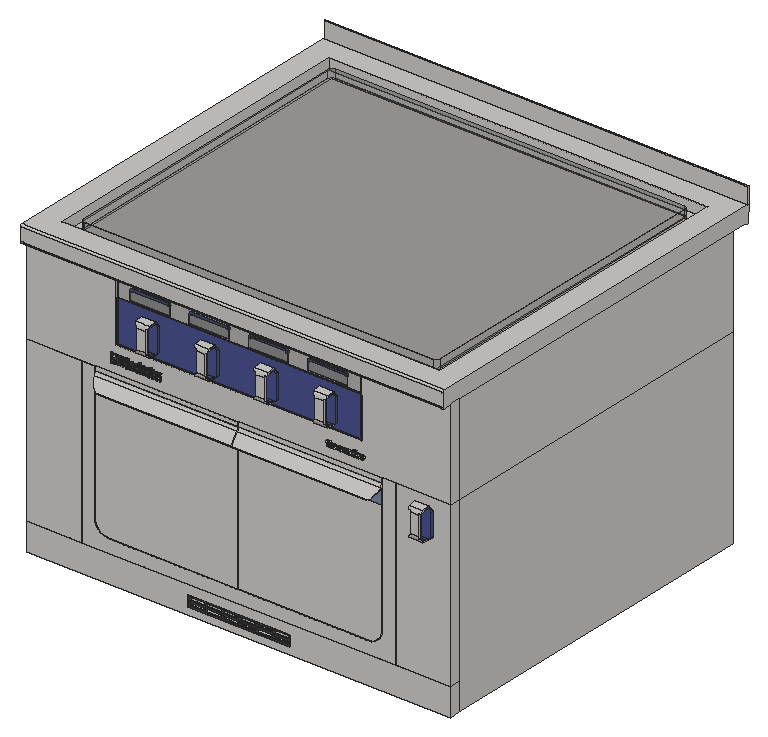
Revit family "QF_ELECTROLUXPROFESSIONAL_589672_MCIQEBJ4AO", category Attrezzature speciali, Revit 2020 (continued)
Definition of nested family "Front_Panel_W1000_4 Knobs"
  Definition of nested family "ELX_Professional_Logo_Small"
    Forms (mm)
      Extrusion 2, solid, material <- "Material_Logo"
        sketch origin (15.5, 0, 0) x (1, 0, 0) y (0, 1, 0)
          loop
            spline (-4.441, -1.243) -> (-4.659, -1.247) -> (-4.894, -1.23) -> (-5.137, -1.19) -> (-5.384, -1.121) -> (-5.628, -1.021) -> (-5.864, -0.884) -> (-6.084, -0.708) -> (-6.283, -0.488) -> (-6.454, -0.219) -> (-6.592, 0.101) -> (-6.69, 0.478) -> (-6.742, 0.914)
            line (-6.742, 0.914) -> (-6.742, 4.587) -> (-4.487, 4.587) -> (-4.487, 6.838) -> (-6.738, 6.838) -> (-6.738, 10.824) -> (-9.217, 10.824) -> (-9.217, 0.773)
            spline (-9.217, 0.773) -> (-9.164, 0.19) -> (-9.068, -0.358) -> (-8.928, -0.87) -> (-8.742, -1.343) -> (-8.511, -1.777) -> (-8.232, -2.168) -> (-7.904, -2.515) -> (-7.527, -2.816) -> (-7.098, -3.069) -> (-6.618, -3.273) -> (-6.084, -3.426) -> (-5.496, -3.525)
            line (-5.496, -3.525) -> (-4.45, -3.573) -> (-4.441, -1.243)
          loop
            spline (3.898, 6.983) -> (3.469, 7.009) -> (3.056, 7.001) -> (2.661, 6.961) -> (2.283, 6.888) -> (1.925, 6.785) -> (1.588, 6.652) -> (1.272, 6.49) -> (0.979, 6.301) -> (0.71, 6.085) -> (0.465, 5.844) -> (0.247, 5.578) -> (0.056, 5.289)
            line (0.056, 5.289) -> (0.056, 6.838) -> (-2.402, 6.838) -> (-2.402, -3.572) -> (0.056, -3.572) -> (0.056, 1.901)
            spline (0.056, 1.901) -> (0.079, 2.316) -> (0.145, 2.703) -> (0.254, 3.06) -> (0.404, 3.386) -> (0.592, 3.679) -> (0.818, 3.938) -> (1.08, 4.162) -> (1.375, 4.348) -> (1.703, 4.495) -> (2.062, 4.602) -> (2.45, 4.668) -> (2.865, 4.69)
            line (2.865, 4.69) -> (3.898, 4.586) -> (3.898, 6.983)
          loop
            spline (15.638, 1.633) -> (15.586, 2.396) -> (15.435, 3.124) -> (15.192, 3.81) -> (14.863, 4.449) -> (14.455, 5.034) -> (13.975, 5.56) -> (13.43, 6.021) -> (12.826, 6.411) -> (12.17, 6.724) -> (11.469, 6.955) -> (10.729, 7.098) -> (9.958, 7.147)
            spline (9.958, 7.147) -> (9.182, 7.098) -> (8.44, 6.955) -> (7.737, 6.724) -> (7.081, 6.411) -> (6.477, 6.021) -> (5.933, 5.56) -> (5.454, 5.034) -> (5.048, 4.449) -> (4.721, 3.81) -> (4.479, 3.124) -> (4.329, 2.396) -> (4.277, 1.633)
            spline (4.277, 1.633) -> (4.329, 0.869) -> (4.479, 0.141) -> (4.721, -0.544) -> (5.048, -1.183) -> (5.454, -1.768) -> (5.933, -2.294) -> (6.477, -2.755) -> (7.081, -3.145) -> (7.737, -3.459) -> (8.44, -3.69) -> (9.182, -3.833) -> (9.958, -3.882)
            spline (9.958, -3.882) -> (10.729, -3.833) -> (11.469, -3.69) -> (12.17, -3.459) -> (12.826, -3.145) -> (13.43, -2.755) -> (13.975, -2.294) -> (14.455, -1.768) -> (14.863, -1.183) -> (15.192, -0.544) -> (15.435, 0.141) -> (15.586, 0.869) -> (15.638, 1.633)
          loop
            spline (13.18, 1.633) -> (13.151, 2.083) -> (13.067, 2.513) -> (12.932, 2.918) -> (12.748, 3.296) -> (12.52, 3.642) -> (12.251, 3.954) -> (11.943, 4.227) -> (11.601, 4.459) -> (11.228, 4.645) -> (10.828, 4.782) -> (10.403, 4.867) -> (9.958, 4.896)
            spline (9.958, 4.896) -> (9.509, 4.867) -> (9.081, 4.782) -> (8.679, 4.645) -> (8.306, 4.459) -> (7.964, 4.227) -> (7.658, 3.954) -> (7.39, 3.642) -> (7.163, 3.296) -> (6.981, 2.918) -> (6.847, 2.513) -> (6.765, 2.083) -> (6.736, 1.633)
            spline (6.736, 1.633) -> (6.765, 1.182) -> (6.847, 0.753) -> (6.981, 0.347) -> (7.163, -0.031) -> (7.39, -0.377) -> (7.658, -0.689) -> (7.964, -0.962) -> (8.306, -1.193) -> (8.679, -1.38) -> (9.081, -1.517) -> (9.509, -1.602) -> (9.958, -1.631)
            spline (9.958, -1.631) -> (10.403, -1.602) -> (10.828, -1.517) -> (11.228, -1.38) -> (11.601, -1.193) -> (11.943, -0.962) -> (12.251, -0.689) -> (12.52, -0.377) -> (12.748, -0.031) -> (12.932, 0.347) -> (13.067, 0.753) -> (13.151, 1.182) -> (13.18, 1.633)
          loop
            line (17.162, 4.269) -> (17.162, -3.573) -> (19.642, -3.573) -> (19.642, 10.824) -> (17.162, 10.824) -> (17.162, 4.269)
          loop
            line (28.581, 6.838) -> (28.581, 0.786)
            spline (28.581, 0.786) -> (28.561, 0.393) -> (28.503, 0.038) -> (28.409, -0.279) -> (28.281, -0.559) -> (28.122, -0.802) -> (27.933, -1.011) -> (27.717, -1.185) -> (27.476, -1.325) -> (27.213, -1.433) -> (26.929, -1.509) -> (26.626, -1.554) -> (26.308, -1.569)
            spline (26.308, -1.569) -> (25.99, -1.554) -> (25.688, -1.509) -> (25.404, -1.434) -> (25.141, -1.326) -> (24.9, -1.187) -> (24.684, -1.014) -> (24.496, -0.807) -> (24.336, -0.565) -> (24.209, -0.288) -> (24.115, 0.026) -> (24.057, 0.376) -> (24.037, 0.765)
            line (24.037, 0.765) -> (24.037, 6.838) -> (21.537, 6.838) -> (21.537, 0.558)
            spline (21.537, 0.558) -> (21.581, -0.153) -> (21.71, -0.8) -> (21.916, -1.384) -> (22.195, -1.904) -> (22.54, -2.362) -> (22.944, -2.757) -> (23.403, -3.09) -> (23.909, -3.362) -> (24.456, -3.572) -> (25.04, -3.722) -> (25.652, -3.811) -> (26.288, -3.841)
            spline (26.288, -3.841) -> (26.929, -3.811) -> (27.547, -3.72) -> (28.135, -3.568) -> (28.687, -3.355) -> (29.197, -3.079) -> (29.66, -2.741) -> (30.068, -2.341) -> (30.415, -1.877) -> (30.696, -1.349) -> (30.905, -0.757) -> (31.034, -0.101) -> (31.079, 0.621)
            line (31.079, 0.621) -> (31.079, 6.838) -> (28.581, 6.838)
          loop
            line (40.457, -0.243) -> (38.894, 1.942) -> (40.83, 4.579) -> (42.488, 6.837) -> (39.782, 6.837) -> (37.53, 3.719) -> (35.258, 6.837) -> (32.573, 6.837) -> (34.113, 4.731) -> (36.167, 1.922) -> (34.014, -1.076) -> (32.222, -3.573) -> (34.887, -3.573) -> (37.53, 0.104) -> (40.174, -3.573) -> (42.839, -3.573) -> (40.457, -0.243)
          loop
            line (-46.121, -5.837) -> (-48.039, -5.837) -> (-48.039, -10.814) -> (-47.016, -10.814) -> (-47.016, -9.128) -> (-46.121, -9.128)
            arc (-46.121, -9.128) -> (-44.476, -7.482) -> (-46.121, -5.837) r 1.645
          loop
            line (-46.163, -6.778) -> (-47.016, -6.778) -> (-47.016, -8.187) -> (-46.163, -8.187)
            arc (-46.163, -8.187) -> (-45.458, -7.482) -> (-46.163, -6.778) r 0.704
          loop
            line (-38.313, -5.837) -> (-40.265, -5.837) -> (-40.265, -10.814) -> (-39.241, -10.814) -> (-39.241, -9.1) -> (-38.46, -9.182) -> (-37.48, -10.814) -> (-36.318, -10.814) -> (-37.513, -8.848)
            arc (-37.513, -8.848) -> (-36.888, -8.266) -> (-36.671, -7.441) r 1.536
            arc (-36.671, -7.441) -> (-37.165, -6.305) -> (-38.313, -5.837) r 1.643
          loop
            arc (-38.402, -8.166) -> (-37.707, -7.505) -> (-38.334, -6.778) r 0.696
            line (-38.334, -6.778) -> (-39.241, -6.778) -> (-39.241, -8.166) -> (-38.402, -8.166)
          loop
            circle (-29.965, -8.325) r 2.585
          loop
            circle (-29.965, -8.325) r 1.64
          loop
            line (-23.1, -5.837) -> (-23.1, -10.814) -> (-22.076, -10.814) -> (-22.076, -8.768) -> (-20.204, -8.768) -> (-20.204, -7.828) -> (-22.076, -7.828) -> (-22.076, -6.778) -> (-20.024, -6.778) -> (-20.024, -5.837) -> (-23.1, -5.837)
          loop
            line (-15.802, -5.837) -> (-15.802, -9.2)
            arc (-15.802, -9.2) -> (-15.343, -10.34) -> (-14.209, -10.814) r 1.593
            line (-14.209, -10.814) -> (-12.602, -10.814) -> (-12.602, -10.027) -> (-14.004, -10.027)
            arc (-14.004, -10.027) -> (-14.552, -9.8) -> (-14.779, -9.252) r 0.775
            line (-14.779, -9.252) -> (-14.779, -8.424) -> (-12.789, -8.424) -> (-12.789, -7.642) -> (-14.779, -7.642) -> (-14.779, -6.778) -> (-12.651, -6.778) -> (-12.651, -5.837) -> (-15.802, -5.837)
          loop
            line (-5.909, -7.143) -> (-5.173, -6.638)
            arc (-5.173, -6.638) -> (-5.855, -5.974) -> (-6.781, -5.755) r 1.782
            arc (-6.781, -5.755) -> (-7.397, -5.878) -> (-7.944, -6.189) r 1.974
            arc (-7.944, -6.189) -> (-8.202, -6.5) -> (-8.317, -6.888) r 1.013
            arc (-8.317, -6.888) -> (-8.306, -7.341) -> (-8.192, -7.78) r 1.985
            arc (-8.192, -7.78) -> (-7.749, -8.259) -> (-7.171, -8.563) r 1.928
            arc (-7.171, -8.563) -> (-6.637, -8.779) -> (-6.131, -9.056) r 5.041
            arc (-6.131, -9.056) -> (-5.934, -9.387) -> (-6.09, -9.74) r 0.42
            arc (-6.09, -9.74) -> (-6.631, -9.96) -> (-7.204, -9.845) r 1.016
            arc (-7.204, -9.845) -> (-7.625, -9.603) -> (-7.889, -9.196) r 1.033
            line (-7.889, -9.196) -> (-8.67, -9.686)
            arc (-8.67, -9.686) -> (-8.361, -10.198) -> (-7.908, -10.589) r 1.914
            arc (-7.908, -10.589) -> (-7.334, -10.834) -> (-6.714, -10.896) r 2.063
            arc (-6.714, -10.896) -> (-5.947, -10.743) -> (-5.256, -10.376) r 2.696
            arc (-5.256, -10.376) -> (-4.95, -9.565) -> (-5.108, -8.712) r 1.618
            arc (-5.108, -8.712) -> (-5.448, -8.319) -> (-5.884, -8.035) r 1.876
            arc (-5.884, -8.035) -> (-6.434, -7.789) -> (-6.999, -7.577) r 9.883
            arc (-6.999, -7.577) -> (-7.325, -7.07) -> (-6.854, -6.694) r 0.45
            arc (-6.854, -6.694) -> (-6.329, -6.809) -> (-5.909, -7.143) r 1.197
          loop
            line (1.61, -7.143) -> (2.345, -6.638)
            arc (2.345, -6.638) -> (1.663, -5.974) -> (0.737, -5.755) r 1.782
            arc (0.737, -5.755) -> (0.121, -5.878) -> (-0.425, -6.189) r 1.974
            arc (-0.425, -6.189) -> (-0.683, -6.5) -> (-0.799, -6.888) r 1.013
            arc (-0.799, -6.888) -> (-0.788, -7.341) -> (-0.674, -7.78) r 1.985
            arc (-0.674, -7.78) -> (-0.231, -8.259) -> (0.347, -8.563) r 1.928
            arc (0.347, -8.563) -> (0.881, -8.779) -> (1.387, -9.056) r 5.041
            arc (1.387, -9.056) -> (1.584, -9.387) -> (1.428, -9.74) r 0.42
            arc (1.428, -9.74) -> (0.887, -9.96) -> (0.314, -9.845) r 1.016
            arc (0.314, -9.845) -> (-0.107, -9.603) -> (-0.371, -9.196) r 1.033
            line (-0.371, -9.196) -> (-1.152, -9.686)
            arc (-1.152, -9.686) -> (-0.842, -10.198) -> (-0.39, -10.589) r 1.914
            arc (-0.39, -10.589) -> (0.184, -10.834) -> (0.804, -10.896) r 2.063
            arc (0.804, -10.896) -> (1.572, -10.743) -> (2.263, -10.376) r 2.696
            arc (2.263, -10.376) -> (2.568, -9.565) -> (2.411, -8.712) r 1.618
            arc (2.411, -8.712) -> (2.07, -8.319) -> (1.635, -8.035) r 1.876
            arc (1.635, -8.035) -> (1.084, -7.789) -> (0.519, -7.577) r 9.883
            arc (0.519, -7.577) -> (0.193, -7.07) -> (0.665, -6.694) r 0.45
            arc (0.665, -6.694) -> (1.189, -6.809) -> (1.61, -7.143) r 1.197
          loop
            line (6.801, -5.837) -> (6.801, -10.814) -> (7.825, -10.814) -> (7.825, -5.837) -> (6.801, -5.837)
          loop
            circle (14.724, -8.325) r 1.548
          loop
            circle (14.724, -8.325) r 2.585
          loop
            line (21.59, -10.814) -> (22.623, -10.814) -> (22.623, -7.685) -> (24.9, -10.814) -> (25.895, -10.814) -> (25.895, -5.837) -> (24.861, -5.837) -> (24.861, -9.061) -> (22.585, -5.837) -> (21.59, -5.837) -> (21.59, -10.814)
          loop
            line (31.054, -10.814) -> (31.539, -9.74) -> (33.38, -9.74) -> (33.865, -10.814) -> (34.965, -10.814) -> (32.46, -5.837) -> (29.956, -10.814) -> (31.054, -10.814)
          loop
            line (32.46, -7.698) -> (31.999, -8.719) -> (32.921, -8.719) -> (32.46, -7.698)
          loop
            line (40.047, -9.873) -> (40.047, -5.837) -> (39.024, -5.837) -> (39.024, -10.814) -> (41.961, -10.814) -> (41.961, -9.873) -> (40.047, -9.873)
          loop
            line (-74.986, -10.814) -> (-53.322, -10.814) -> (-53.322, 10.82) -> (-74.986, 10.82) -> (-74.986, -10.814)
          loop
            line (-61.261, 9.758) -> (-61.261, -9.707)
            arc (-61.261, -9.707) -> (-54.066, 0.025) -> (-61.261, 9.758) r 10.18
          loop
            line (-62.251, 8.349) -> (-62.251, 9.758)
            arc (-62.251, 9.758) -> (-70.347, 7.918) -> (-74.247, 0.59) r 9.976
            line (-74.247, 0.59) -> (-71.026, 0.59)
            arc (-71.026, 0.59) -> (-65.274, 2.925) -> (-62.251, 8.349) r 9.351
          loop
            arc (-74.247, -0.539) -> (-70.353, -7.928) -> (-62.251, -9.957) r 10.237
            line (-62.251, -9.957) -> (-62.251, -8.298)
            arc (-62.251, -8.298) -> (-65.274, -2.874) -> (-71.026, -0.539) r 9.351
            line (-71.026, -0.539) -> (-74.247, -0.539)
        from 0 to 1.644
    Dimensions and locks
      aligned and locked: plane 2 to Extrusion 1
      aligned and locked: level to Extrusion 1
Definition of nested family "H450H2W1000_2DOOR"
  Parameters
    Width [instance] = 680 mm
    Wdoor [instance] = Width / 2  # 340 mm
    Show Clearance [instance] = yes
    Model = "727995"
    Height = 450 mm
    Default Elevation = 0 mm
  Reference planes
    plane 1 "Center (Front/Back)": y = 0
    plane 2: z = 0
    plane 3 "Center (Left/Right)": x = 36.042
    plane 4 "panel": z = 25
    plane 5: x = -303.958
    plane 6: x = 376.042
    plane 7: y = 450
    plane 8: z = 340
    plane 9: z = 45
  Forms (mm)
    Extrusion 1, solid
      sketch origin (0, -919.2, 0) x (1, 0, 0) y (0, 1, 0)
        loop
          line (-980.5, 2119.2) -> (-980.5, -162.846) -> (881.94, -162.846) -> (881.94, 2119.2) -> (-980.5, 2119.2)
      from 0 to -59.546
    Extrusion 2, solid
      sketch origin (0, 0, 0) x (1, 0, 0) y (0, 1, 0)
        loop
          line (374.042, 393) -> (37.042, 393) -> (37.042, 97) -> (344.042, 97)
          arc (344.042, 97) -> (365.255, 105.787) -> (374.042, 127) r 30
          line (374.042, 127) -> (374.042, 393)
        loop
          arc (-301.958, 127) -> (-293.171, 105.787) -> (-271.958, 97) r 30
          line (-271.958, 97) -> (35.042, 97) -> (35.042, 393) -> (-301.958, 393) -> (-301.958, 127)
      from 0 to 25
    Extrusion 3, solid
      sketch origin (0, 0, 0) x (1, 0, 0) y (0, 1, 0)
        loop
          line (-301.958, 393) -> (35.042, 393) -> (35.042, 440) -> (-301.958, 440) -> (-301.958, 393)
        loop
          line (37.042, 440) -> (37.042, 393) -> (374.042, 393) -> (374.042, 440) -> (37.042, 440)
      from 0 to 25
    Extrusion 4, solid
      sketch origin (5.581, 79.805, 0) x (1, 0, 0) y (0, 1, 0)
        loop
          line (-307.539, 360.195) -> (29.461, 360.195) -> (29.461, 370.195) -> (-307.539, 370.195) -> (-307.539, 360.195)
        loop
          line (31.461, 370.195) -> (31.461, 360.195) -> (368.461, 360.195) -> (368.461, 370.195) -> (31.461, 370.195)
      from 0 to 25
    Extrusion 5, solid
      sketch origin (36.042, 0, 0) x (0, 1, 0) y (0, 0, 1)
        loop
          line (426.693, 25) -> (440.02, 25)
          arc (440.02, 25) -> (435.261, 25.775) -> (430.993, 28.02) r 15
          line (430.993, 28.02) -> (406.653, 46.362) -> (403.644, 42.369) -> (426.693, 25)
      from 1 to 338
    Extrusion 6, solid
      sketch origin (36.042, 0, 0) x (0, 1, 0) y (0, 0, 1)
        loop
          line (426.693, 25) -> (440.02, 25)
          arc (440.02, 25) -> (435.261, 25.775) -> (430.993, 28.02) r 15
          line (430.993, 28.02) -> (406.653, 46.362) -> (403.644, 42.369) -> (426.693, 25)
      from -338 to -1
    Extrusion 7, void
      sketch origin (0, 0, 0) x (1, 0, 0) y (0, 1, 0)
        loop
          arc (374.042, 426.693) -> (364.508, 412.772) -> (350.317, 403.644) r 42.603
          line (350.317, 403.644) -> (374.042, 403.644) -> (374.042, 426.693)
      from 0 to 47.9
    Extrusion 8, void
      sketch origin (72.084, 0, 0) x (-1, 0, 0) y (0, -1, 0)
        loop
          line (374.042, -426.693) -> (374.042, -403.644) -> (350.317, -403.644)
          arc (350.317, -403.644) -> (364.508, -412.772) -> (374.042, -426.693) r 42.603
      from 0 to 47.9
    Extrusion 9, solid, detail levels coarse
      sketch origin (0, 0, 0) x (1, 0, 0) y (0, 0, 1)
        loop
          arc (36.231, 25) -> (-56.085, 247.873) -> (-278.958, 340.189) r 315.189
          line (-278.958, 340.189) -> (-278.958, 25) -> (36.231, 25)
      from -450 to -97
    Extrusion 10, solid, detail levels coarse
      sketch origin (0, 0, 0) x (1, 0, 0) y (0, 0, 1)
        loop
          arc (351.042, 340) -> (128.303, 247.739) -> (36.042, 25) r 315
          line (36.042, 25) -> (351.042, 25) -> (351.042, 340)
      from -450 to -97
  Cuts and joins
    Extrusion 8 cuts Extrusion 6
    Extrusion 7 cuts Extrusion 5
  Lines and regions (mm)
    symbolic lines
      curve 1: line (376.042, 0, 45) -> (376.042, 0, 340)
      curve 2: line (351.042, 0, 45) -> (351.042, 0, 340)
      curve 3: line (376.042, 0, 340) -> (351.042, 0, 340)
      curve 4: line (-303.958, 0, 45) -> (-303.958, 0, 340)
      curve 5: line (-278.958, 0, 45) -> (-278.958, 0, 340)
      curve 6: line (-303.958, 0, 340) -> (-278.958, 0, 340)
      curve 7: arc (351.042, 0, 340) -> (135.522, 0, 254.731) -> (36.683, 0, 45.088) r 315
      curve 8: arc (35.407, 0, 44.997) -> (-63.405, 0, 254.7) -> (-278.958, 0, 340) r 315
  Dimensions and locks
    plane 4 "panel" to level = 25 mm
    "Width": plane 5 to plane 6
    equal spacing: plane 5, plane 3 "Center (Left/Right)", plane 6
    "Height": plane 1 "Center (Front/Back)" to plane 7
    locked: plane 5 to Extrusion 2 sketch curve at 2
    locked: Extrusion 2 sketch curve to plane 6 at 2
    locked: plane 1 "Center (Front/Back)" to Extrusion 2 sketch curve at 97
    locked: plane 7 to Extrusion 2 sketch curve at 57
    locked: Extrusion 2 sketch curve to plane 3 "Center (Left/Right)" at 1
    locked: plane 3 "Center (Left/Right)" to Extrusion 2 sketch curve at 1
    Extrusion 3 sketch curve to Extrusion 2 = 47 mm
    "Wdoor": plane 8 to level
    locked: curve 2 to curve 1 at 25
    locked: curve 5 to curve 4 at 25
    plane 4 "panel" to plane 9 = 20 mm
    aligned and locked: plane 2 to Extrusion 1
    aligned and locked: level to Extrusion 1
    aligned and locked: plane 4 "panel" to Extrusion 2
    aligned and locked: Extrusion 2 to Extrusion 3 sketch curve
    aligned and locked: Extrusion 3 sketch curve to Extrusion 2  (x2)
    aligned and locked: Extrusion 3 sketch curve to Extrusion 3 sketch curve
    aligned and locked: plane 4 "panel" to Extrusion 3
    aligned and locked: Extrusion 4 sketch curve to Extrusion 4 sketch curve
    aligned and locked: Extrusion 4 sketch curve to Extrusion 3  (x3)
    aligned and locked: Extrusion 3 to Extrusion 4 sketch curve
    aligned and locked: Extrusion 4 sketch curve to plane 7
    aligned and locked: Extrusion 3 to Extrusion 5
    aligned and locked: Extrusion 5 to Extrusion 3
    aligned and locked: Extrusion 6 to Extrusion 3
    aligned and locked: Extrusion 3 to Extrusion 6
    aligned and locked: Extrusion 7 sketch curve to Extrusion 5
    aligned and locked: Extrusion 8 to Extrusion 6
    aligned and locked: Extrusion 4 to Extrusion 8
    aligned and locked: Extrusion 2 to Extrusion 7
    aligned and locked: Extrusion 7 to Extrusion 5
    aligned and locked: Extrusion 4 to Extrusion 3  (x2)
    aligned and locked: Extrusion 3 to Extrusion 2
    aligned and locked: Extrusion 4 to Extrusion 2
    aligned and locked: curve 3 to plane 8
    aligned and locked: curve 1 to plane 6
    aligned and locked: curve 4 to plane 5
    aligned and locked: Extrusion 9 sketch curve to plane 4 "panel"
    aligned and locked: Extrusion 10 sketch curve to curve 7
    aligned and locked: Extrusion 10 sketch curve to curve 2
    aligned and locked: Extrusion 2 to Extrusion 9
    aligned and locked: Extrusion 2 to Extrusion 10
    aligned and locked: plane 7 to Extrusion 9
    aligned and locked: Extrusion 3 to Extrusion 4
  Automatic sketch dimensions
    Extrusion 1 sketch curve to Extrusion 1 sketch curve = 1862.44 mm
    Extrusion 1 sketch curve to Extrusion 1 sketch curve = 2282.046 mm
    Extrusion 2 sketch curve to Extrusion 2 sketch curve = 30 mm  (x2)
    Extrusion 2 sketch curve to plane 1 "Center (Front/Back)" = 97 mm
    Extrusion 2 sketch curve to Extrusion 2 sketch curve = 0 mm
    Extrusion 3 sketch curve to plane 3 "Center (Left/Right)" = 1 mm
    plane 5 to Extrusion 3 sketch curve = 2 mm
    Extrusion 3 sketch curve to Extrusion 3 sketch curve = 0 mm
    Extrusion 5 sketch curve to plane 4 "panel" = 0 mm
    plane 4 "panel" to Extrusion 5 sketch curve = 17.369 mm
    Extrusion 5 sketch curve to plane 7 = 46.356 mm
    plane 4 "panel" to Extrusion 5 sketch curve = 21.362 mm
    Extrusion 5 sketch curve to Extrusion 5 sketch curve = 3.009 mm
    plane 4 "panel" to Extrusion 5 sketch curve = 3.02 mm
    Extrusion 5 sketch curve to Extrusion 5 sketch curve = 9.027 mm
    Extrusion 6 sketch curve to plane 4 "panel" = 0 mm
    plane 4 "panel" to Extrusion 6 sketch curve = 17.369 mm
    Extrusion 6 sketch curve to plane 7 = 46.356 mm
    plane 4 "panel" to Extrusion 6 sketch curve = 21.362 mm
    Extrusion 6 sketch curve to Extrusion 6 sketch curve = 3.009 mm
    plane 4 "panel" to Extrusion 6 sketch curve = 3.02 mm
    Extrusion 6 sketch curve to Extrusion 6 sketch curve = 9.027 mm
    Extrusion 7 sketch curve to Extrusion 7 sketch curve = 23.725 mm
    Extrusion 7 sketch curve to plane 7 = 6.671 mm
    Extrusion 7 sketch curve to plane 6 = 41.221 mm
    Extrusion 7 sketch curve to plane 7 = 23.307 mm
    plane 7 to Extrusion 8 sketch curve = 6.671 mm
    Extrusion 8 sketch curve to plane 5 = 41.221 mm
    Extrusion 8 sketch curve to plane 5 = 25.725 mm
    Extrusion 8 sketch curve to plane 5 = 2 mm
    plane 7 to Extrusion 8 sketch curve = 23.307 mm
    Extrusion 4 sketch curve to Extrusion 4 sketch curve = 10 mm
    Extrusion 4 sketch curve to plane 7 = 10 mm
    curve 2 to plane 9 = 0 mm
    curve 5 to plane 9 = 0 mm
    curve 4 to plane 9 = 0 mm
    curve 1 to plane 9 = 0 mm
    curve 8 to plane 4 "panel" = 0 mm
    curve 5 to plane 8 = 0 mm
    curve 8 to plane 9 = 0.003 mm
    curve 7 to plane 4 "panel" = 0 mm
    plane 9 to curve 7 = 0.088 mm
    plane 5 to Extrusion 9 sketch curve = 25 mm
    plane 3 "Center (Left/Right)" to Extrusion 9 sketch curve = 0.189 mm
